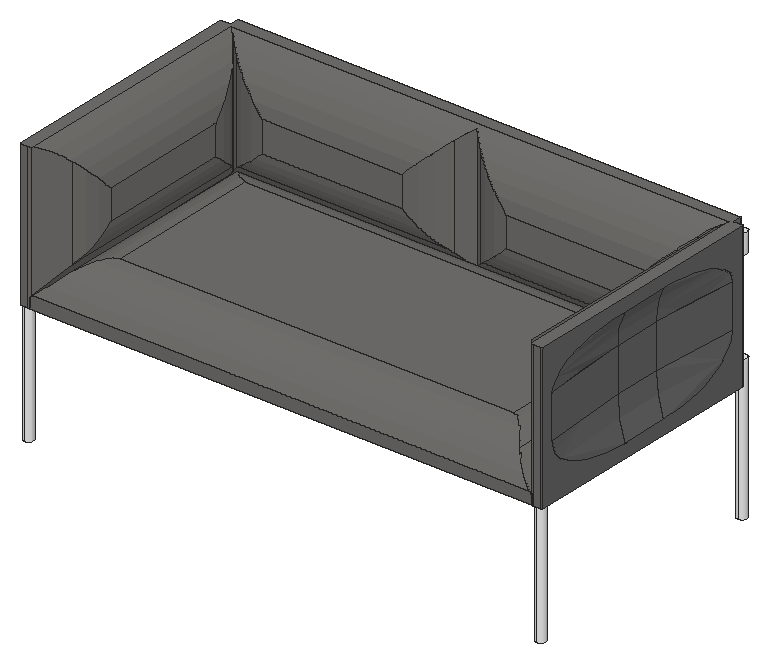
Revit family "Seating-Sofa-Teknion-BBHS_Hollow-R2011", category Furniture, Revit 2013
Parameters (values of type "Two Seater, 53 1/2" Wide")
  Width = 53 1/2"
  Warranty = "http://www.teknionstudio.com/pdfs/Teknion%20Studio%20Warranty.pdf"
  Unit Weight = 81.00 lbf
  URL = "http://www.teknionstudio.com"
  Two Seater = not(Three Seater)  # yes
  Three Seater = not(Width < 79 1/2")  # no
  Shell Finish [instance] = Plastic - Teknion - 7D - Black
  Series = "B&B Italia"
  Seat Upholstery Finish [instance] = Fabric - Teknion - V311 - Velvet Underground
  Salvage or Reuse = yes
  Product Page URL = "http://www.teknionstudio.com/hollow/#.Ula9vRAQP-o"
  Product Line = "Hollow"
  Product Documentation Link = "http://www.teknionstudio.com/pricing/BBHS_ppg.pdf"
  Percentage of Recycled Content = 0
  Part Number = "BBHS"
  Model = "BBHSA1"
  Manufacturer Phone = "919-464-2920"
  Manufacturer Fax = "919-464-2927"
  Manufacturer Email = "mailto:customersupport@teknionstudio.com"
  Manufacturer Address = "3940 US 70 Business HWY West, Clayton, NC 27520"
  Manufacturer = "Teknion Studio"  # constant formula
  Low Emitting Material = yes
  Low Emitting Finish = yes
  Length 2 = if(Three Seater, (Width - Width / 3), 90 1/2")  # 90 1/2"
  Length 1 = if(Three Seater, (Width / 3), (Width / 2))  # 26 3/4"
  Height = 27 1/8"  # constant formula
  Graphic Line R = if(Width = 90 1/2", 23", 19 1/2")  # 19 1/2"
  Graphic Line L = if(Width = 90 1/2", 25", 21 1/2")  # 21 1/2"
  Frame Finish [instance] = Metal - Teknion - C6 - Chrome
  Description = "Hollow Seating Sofa, Two Seater, 26 3/4\" (68cm) Deep, 53 1/2\" (136cm) Wide"
  Depth = 26 3/4"
  Assembly Code = "E2020200"
Types (5): name | Width | Unit Weight | Two Seater | Three Seater | Model | Length 2 | Length 1 | Graphic Line R | Graphic Line L | Description | Depth
  (no name) | 53 1/2" | 81.00 lbf | yes | no | "BBHSA1" | 90 1/2" | 26 3/4" | 19 1/2" | 21 1/2" | "Hollow Seating Sofa, Two Seater, 26 3/4\" (68cm) Deep, 53 1/2\" (136cm) Wide" | 26 3/4"
  Two Seater, 53 1/2" Wide | 53 1/2" | 81.00 lbf | yes | no | "BBHSA1" | 90 1/2" | 26 3/4" | 19 1/2" | 21 1/2" | "Hollow Seating Sofa, Two Seater, 26 3/4\" (68cm) Deep, 53 1/2\" (136cm) Wide" | 26 3/4"
  Two Seater, 60 5/8" Wide | 60 5/8" | 92.00 lbf | yes | no | "BBHSB3" | 90 1/2" | 30 5/16" | 19 1/2" | 21 1/2" | "Hollow Seating Sofa, Two Seater, 30 3/8\" (77cm) Deep, 60 5/8\" (154cm) Wide" | 30 3/8"
  Three Seater, 79 1/2" Wide | 79 1/2" | 121.00 lbf | no | yes | "BBHSA2" | 53" | 26 1/2" | 19 1/2" | 21 1/2" | "Hollow Seating Sofa, Three Seater, 26 3/4\" (68cm) Deep, 79 1/2\" (202cm) Wide" | 26 3/4"
  Three Seater, 90 1/2" Wide | 90 1/2" | 138.00 lbf | no | yes | "BBHSB4" | 60.33333" | 30.16667" | 23" | 25" | "Hollow Seating Sofa, Three Seater, 30 3/8\"(77cm) Deep, 90 1/2\" (230cm) Wide" | 30 3/8"
Reference planes (in)
  plane 1 "Center F/B": y = 0
  plane 2: z = 0
  plane 3 "Left": x = 0
  plane 4 "Right": x = 53.5
  plane 5 "Back": y = 13.375
  plane 6 "Front": y = -13.375
  plane 7 "Top": z = 27.125
  plane 8: x = 26.75
  plane 9 "T.O. Seat": z = 16.875
  plane 10: x = 4.52756
  plane 11: x = 48.97244
  plane 12: z = 12.36122
  plane 13: y = 12.39075
  plane 14: x = 0.98425
  plane 15: x = 52.51575
  plane 16: y = 8.84744
  plane 17: x = -1
  plane 18: x = 54.5
  plane 19: z = 25.7874
  plane 20: z = 22.07483
  plane 21: z = 18.93827
  plane 22: z = 13.77953
  plane 23: y = 11.0128
  plane 24: y = -12.0187
  plane 25: y = -7.41202
  plane 26: y = 6.09154
  plane 27: y = 12.665
  plane 28: x = 0.71
  plane 29: x = 52.79
  plane 30: x = 2.3622
  plane 31: x = 51.1378
  plane 32 "V1": x = 26.75
  plane 33 "V2": x = 90.5
  plane 34: x = 69
  plane 35: x = 110
  plane 36 "Center (Left/Righ)": x = 26.75
Forms (in)
  Sweep 1, solid, material "Fabric - Teknion - V311 - Velvet Underground" <- "Seat Upholstery Finish"
    path origin (27, 0, 16.875) x (-1, 0, 0) y (0, -1, 0)
      loop
        line (0.25, -13.375) -> (0.25, 13.375)
    profile origin (26.75, 0, 16.875) x (1, 0, 0) y (0, 0, 1)
      loop
        line (-25.67569, -3.5162) -> (-25.67569, -4.51378) -> (25.67569, -4.51378) -> (25.67569, -3.5162) -> (22.93628, -1.04963)
        arc (22.93628, -1.04963) -> (21.66636, -0.27142) -> (20.20191, 0) r 4.08646
        line (20.20191, 0) -> (-20.20191, 0)
        arc (-20.20191, 0) -> (-21.66636, -0.27142) -> (-22.93628, -1.04963) r 4.08646
        line (-22.93628, -1.04963) -> (-25.67569, -3.5162)
  Sweep 2, solid, material "Plastic - Teknion - 7D - Black" <- "Shell Finish"
    path origin (0, 13.375, 0) x (-1, 0, 0) y (0, 0, 1)
      loop
        line (-53.5, 27.125) -> (-53.5, 12.36122)
    profile origin (53.5, 13.375, 19.74311) x (0, 1, 0) y (-1, 0, 0)
      loop
        arc (0, 52.41575) -> (-0.02929, 52.48646) -> (-0.1, 52.51575) r 0.1
        line (-0.1, 52.51575) -> (-0.98425, 52.51575) -> (-0.98425, 53.4)
        arc (-0.98425, 53.4) -> (-1.01354, 53.47071) -> (-1.08425, 53.5) r 0.1
        line (-1.08425, 53.5) -> (-26.65, 53.5)
        arc (-26.65, 53.5) -> (-26.72071, 53.47071) -> (-26.75, 53.4) r 0.1
        line (-26.75, 53.4) -> (-26.75, 52.6517)
        arc (-26.75, 52.6517) -> (-26.72251, 52.50943) -> (-26.644, 52.38765) r 0.38189
        line (-26.644, 52.38765) -> (-23.99434, 50.25026)
        arc (-23.99434, 50.25026) -> (-22.48713, 49.36926) -> (-20.78702, 48.97244) r 5.84782
        line (-20.78702, 48.97244) -> (-7.28346, 48.97244)
        arc (-7.28346, 48.97244) -> (-5.09452, 49.4555) -> (-3.15156, 50.57341) r 7.38029
        line (-3.15156, 50.57341) -> (-1.6864, 51.7451) -> (-2.88945, 50.36115)
        arc (-2.88945, 50.36115) -> (-3.97969, 48.54669) -> (-4.52756, 46.50201) r 7.60496
        line (-4.52756, 46.50201) -> (-4.52756, 6.99799)
        arc (-4.52756, 6.99799) -> (-3.97969, 4.95331) -> (-2.88945, 3.13885) r 7.60496
        line (-2.88945, 3.13885) -> (-1.6864, 1.7549) -> (-3.15156, 2.92659)
        arc (-3.15156, 2.92659) -> (-5.09452, 4.0445) -> (-7.28346, 4.52756) r 7.38029
        line (-7.28346, 4.52756) -> (-20.78702, 4.52756)
        arc (-20.78702, 4.52756) -> (-22.48713, 4.13074) -> (-23.99434, 3.24974) r 5.84782
        line (-23.99434, 3.24974) -> (-26.644, 1.11235)
        arc (-26.644, 1.11235) -> (-26.72251, 0.99057) -> (-26.75, 0.8483) r 0.38189
        line (-26.75, 0.8483) -> (-26.75, 0.1)
        arc (-26.75, 0.1) -> (-26.72071, 0.02929) -> (-26.65, 0) r 0.1
        line (-26.65, 0) -> (-1.08425, 0)
        arc (-1.08425, 0) -> (-1.01354, 0.02929) -> (-0.98425, 0.1) r 0.1
        line (-0.98425, 0.1) -> (-0.98425, 0.98425) -> (-0.1, 0.98425)
        arc (-0.1, 0.98425) -> (-0.02929, 1.01354) -> (0, 1.08425) r 0.1
        line (0, 1.08425) -> (0, 52.41575)
  Sweep 3, void
    path origin (0, 0, 16.875) x (-1, 0, 0) y (0, -1, 0)
      loop
        line (-52.51575, 13.375) -> (-52.51575, -12.39075) -> (-0.98425, -12.39075) -> (-0.98425, 13.375)
    profile origin (26.75, 12.39075, 16.875) x (0, 1, 0) y (0, 0, 1)
      loop
        line (0.98425, -4.51378) -> (0, -4.51378) -> (0, -3.5162) -> (-2.29621, -0.87472)
        arc (-2.29621, -0.87472) -> (-3.15242, 0.49552) -> (-3.54331, 2.06327) r 5.1643
        line (-3.54331, 2.06327) -> (-3.54331, 5.19983)
        arc (-3.54331, 5.19983) -> (-2.1437, 8.68624) -> (0.98425, 10.76707) r 6.33551
        line (0.98425, 10.76707) -> (0.98425, 12.25) -> (-4.54331, 12.25) -> (-4.54331, -5.51378) -> (0.98425, -5.51378) -> (0.98425, -4.51378)
  Sweep 4, void
    path origin (0, 0, 16.875) x (-1, 0, 0) y (0, -1, 0)
      loop
        line (-53.5, 0) -> (0, 0)
    profile origin (26.75, 0, 16.875) x (0, -1, 0) y (0, 0, 1)
      loop
        line (-12.39075, -5.51378) -> (-12.39075, -3.5162) -> (-9.78974, -1.17424)
        arc (-9.78974, -1.17424) -> (-8.376, -0.29402) -> (-6.74536, 0.04432) r 4.75164
        line (-6.74536, 0.04432) -> (-6.74536, 1) -> (-14.375, 1) -> (-14.375, -5.51378) -> (-12.39075, -5.51378)
      loop
        line (14.375, 1) -> (7.79173, 1) -> (7.79173, 0.05413)
        arc (7.79173, 0.05413) -> (11.05927, -0.80884) -> (13.375, -3.27034) r 6.13918
        line (13.375, -3.27034) -> (13.375, -5.51378) -> (14.375, -5.51378) -> (14.375, 1)
  Sweep 5, solid, material "Metal - Teknion - C6 - Chrome" <- "Frame Finish"
    path origin (0, 13.375, 0) x (-1, 0, 0) y (0, 0, 1)
      loop
        line (0, 27.125) -> (0, 0)
    profile origin (0, 13.375, 13.5625) x (0, 1, 0) y (-1, 0, 0)
      loop
        circle (-0.49213, -0.49213) r 0.49213
      loop
        circle (-0.49213, -53.00787) r 0.49213
      loop
        circle (-26.25787, -0.49213) r 0.49213
      loop
        circle (-26.25787, -53.00787) r 0.49213
  Sweep 6, void
    path origin (0, 0, 16.875) x (-1, 0, 0) y (0, -1, 0)
      loop
        line (1, -13.375) -> (-54.5, -13.375)
    profile origin (26.75, 13.375, 16.875) x (0, 1, 0) y (0, 0, 1)
      loop
        line (-1.98425, 9.38484) -> (1, 9.38484) -> (1, 11.25) -> (-1.98425, 11.25) -> (-1.98425, 9.38484)
      loop
        line (1, 7.41634) -> (-1.98425, 7.41634) -> (-1.98425, -2.22933) -> (1, -2.22933) -> (1, 7.41634)
      loop
        line (-24.75, -4.51378) -> (-24.75, 11.25) -> (-27.75, 11.25) -> (-27.75, -4.51378) -> (-24.75, -4.51378)
  Sweep 7, void
    path origin (0, 0, 16.875) x (-1, 0, 0) y (0, -1, 0)
      loop
        arc (-0.71, -13.6122) -> (-6.8761, -12.90215) -> (-13.07841, -12.665) r 81.22622
        line (-13.07841, -12.665) -> (-40.42159, -12.665)
        arc (-40.42159, -12.665) -> (-46.6239, -12.90215) -> (-52.79, -13.6122) r 81.22622
    profile origin (26.75, 12.665, 16.875) x (0, 1, 0) y (0, 0, 1)
      loop
        arc (0, 1.38623) -> (0.1786, -0.88257) -> (0.71, -3.09547) r 14.4998
        line (0.71, -3.09547) -> (1.71, -3.09547) -> (1.71, 8.9124) -> (0.71, 8.9124)
        arc (0.71, 8.9124) -> (0.17882, 6.89961) -> (0, 4.8256) r 12.11692
        line (0, 4.8256) -> (0, 1.38623)
  Sweep 8, void
    path origin (0, 0, 16.875) x (-1, 0, 0) y (0, -1, 0)
      loop
        arc (0.40497, -13.375) -> (-0.43058, -7.78285) -> (-0.71, -2.13553) r 57.2073
        line (-0.71, -2.13553) -> (-0.71, 2.81859)
        arc (-0.71, 2.81859) -> (-0.48043, 8.11665) -> (0.20655, 13.375) r 61.25023
    profile origin (0.71, -0.34153, 16.875) x (1, 0, 0) y (0, 0, 1)
      loop
        line (-0.71, 8.9124) -> (-1.71, 8.9124) -> (-1.71, -3.09547) -> (-0.71, -3.09547)
        arc (-0.71, -3.09547) -> (-0.17871, -0.9871) -> (0, 1.17982) r 13.22691
        line (0, 1.17982) -> (0, 5.61895)
        arc (0, 5.61895) -> (-0.17952, 7.3035) -> (-0.71, 8.9124) r 7.99362
  Sweep 9, void
    path origin (28, 0, 16.875) x (1, 0, 0) y (0, -1, 0)
      loop
        arc (25.90497, -13.375) -> (25.06942, -7.78285) -> (24.79, -2.13553) r 57.2073
        line (24.79, -2.13553) -> (24.79, 2.81859)
        arc (24.79, 2.81859) -> (25.01957, 8.11665) -> (25.70655, 13.375) r 61.25023
    profile origin (52.79, -0.34153, 16.875) x (1, 0, 0) y (0, 0, 1)
      loop
        arc (0.71, 8.9124) -> (0.17952, 7.3035) -> (0, 5.61895) r 7.99362
        line (0, 5.61895) -> (0, 1.17982)
        arc (0, 1.17982) -> (0.17871, -0.9871) -> (0.71, -3.09547) r 13.22691
        line (0.71, -3.09547) -> (1.71, -3.09547) -> (1.71, 8.9124) -> (0.71, 8.9124)
  Sweep 10, void
    path origin (0, 13.375, 0) x (-1, 0, 0) y (0, 0, 1)
      loop
        line (-26.75, 27.125) -> (-26.75, 13.77953)
    profile origin (26.75, 13.375, 20.45226) x (0, 1, 0) y (-1, 0, 0)
      loop
        arc (-2.88944, 1.38393) -> (-4.11327, 3.53519) -> (-4.5815, 5.96549) r 7.60496
        line (-4.5815, 5.96549) -> (-7.28346, 5.96549) -> (-7.28346, -5.96549) -> (-4.5815, -5.96549)
        arc (-4.5815, -5.96549) -> (-4.11327, -3.53519) -> (-2.88944, -1.38393) r 7.60496
        line (-2.88944, -1.38393) -> (-1.68641, 0) -> (-2.88944, 1.38393)
  Sweep 11, void
    path origin (26.5, 13.375, 0) x (-1, 0, 0) y (0, 0, 1)
      loop
        line (-64, 27.125) -> (-64, 13.77953)
    profile origin (90.5, 13.375, 20.45226) x (0, 1, 0) y (-1, 0, 0)
      loop
        line (-7.28346, 5.48566) -> (-7.28346, -5.48566) -> (-4.5534, -5.48566)
        arc (-4.5534, -5.48566) -> (-4.02644, -3.31106) -> (-2.88944, -1.38393) r 7.60496
        line (-2.88944, -1.38393) -> (-1.68641, 0) -> (-2.88944, 1.38393)
        arc (-2.88944, 1.38393) -> (-4.02644, 3.31106) -> (-4.5534, 5.48566) r 7.60496
        line (-4.5534, 5.48566) -> (-7.28346, 5.48566)
Cuts and joins
  Sweep 3, Sweep 7, Sweep 8, Sweep 9, Sweep 10, Sweep 11 cuts Sweep 2
  Sweep 6, Sweep 7, Sweep 8, Sweep 9, Sweep 10, Sweep 11 cuts Sweep 5
  Sweep 4 cuts Sweep 1
Lines and regions (in)
  Masking region 1
    outline origin (0, 0, 16.875) x (-1, 0, 0) y (0, -1, 0)
      loop
        line (-0.98425, -13.375) -> (0, -13.375) -> (0, -12.39075) -> (0, 13.375) -> (-53.5, 13.375) -> (-53.5, -12.39075) -> (-53.5, -13.375) -> (-52.51575, -13.375) -> (-0.98425, -13.375)
  symbolic lines
    curve 1: line (4.52756, -7.41202, 16.875) -> (4.52756, 6.09154, 16.875)
    curve 2: line (48.97244, -7.41202, 16.875) -> (48.97244, 6.09154, 16.875)
    curve 3: line (6.99799, 8.84744, 16.875) -> (21.50691, 8.84744, 16.875)
    curve 4: arc (3.13885, 10.48555, 16.875) -> (4.95331, 9.39531, 16.875) -> (6.99799, 8.84744, 16.875) r 7.60496
    curve 5: arc (4.52756, 6.09154, 16.875) -> (4.0445, 8.28048, 16.875) -> (2.92659, 10.22344, 16.875) r 7.38029
    curve 6: line (1.7549, 11.6886, 16.875) -> (3.13885, 10.48555, 16.875)
    curve 7: arc (46.50201, 8.84744, 16.875) -> (48.54669, 9.39531, 16.875) -> (50.36115, 10.48555, 16.875) r 7.60496
    curve 8: line (50.36115, 10.48555, 16.875) -> (51.7451, 11.6886, 16.875)
    curve 9: line (51.7451, 11.6886, 16.875) -> (50.57341, 10.22344, 16.875)
    curve 10: arc (50.57341, 10.22344, 16.875) -> (49.4555, 8.28048, 16.875) -> (48.97244, 6.09154, 16.875) r 7.38029
    curve 11: line (50.25026, -10.61934, 16.875) -> (52.38765, -13.269, 16.875)
    curve 12: arc (48.97244, -7.41202, 16.875) -> (49.36926, -9.11213, 16.875) -> (50.25026, -10.61934, 16.875) r 5.84782
    curve 13: arc (3.24974, -10.61934, 16.875) -> (4.13074, -9.11213, 16.875) -> (4.52756, -7.41202, 16.875) r 5.84782
    curve 14: line (1.11235, -13.269, 16.875) -> (3.24974, -10.61934, 16.875)
    curve 15: line (2.92659, 10.22344, 16.875) -> (1.7549, 11.6886, 16.875)
    curve 28: arc (0.8483, -13.375, 16.875) -> (0.99057, -13.34751, 16.875) -> (1.11235, -13.269, 16.875) r 0.38189
    curve 29: arc (52.38765, -13.269, 16.875) -> (52.50943, -13.34751, 16.875) -> (52.6517, -13.375, 16.875) r 0.38189
    curve 36: arc (25.36607, 10.48556, 16.875) -> (23.5516, 9.39532, 16.875) -> (21.50691, 8.84744, 16.875) r 7.60496
    curve 37: line (26.75, 11.68859, 16.875) -> (25.36607, 10.48556, 16.875)
    curve 38: line (28.13393, 10.48556, 16.875) -> (26.75, 11.68859, 16.875)
    curve 39: arc (31.99309, 8.84744, 16.875) -> (29.9484, 9.39532, 16.875) -> (28.13393, 10.48556, 16.875) r 7.60496
  symbolic lines, detail levels fine
    curve 16: arc (0.49213, 13.375, 16.875) -> (0, 12.88287, 16.875) -> (0.49213, 12.39075, 16.875) r 0.49213
    curve 17: arc (0.49213, 12.39075, 16.875) -> (0.98425, 12.88287, 16.875) -> (0.49213, 13.375, 16.875) r 0.49213
    curve 18: line (0.98425, 13.275, 16.875) -> (0.98425, 12.39075, 16.875)
    curve 19: arc (1.08425, 13.375, 16.875) -> (1.01354, 13.34571, 16.875) -> (0.98425, 13.275, 16.875) r 0.1
    curve 20: arc (0.1, 12.39075, 16.875) -> (0.02929, 12.36146, 16.875) -> (0, 12.29075, 16.875) r 0.1
    curve 21: line (0.1, 12.39075, 16.875) -> (0.98425, 12.39075, 16.875)
    curve 22: arc (53.5, 12.29075, 16.875) -> (53.47071, 12.36146, 16.875) -> (53.4, 12.39075, 16.875) r 0.1
    curve 23: arc (52.51575, 13.275, 16.875) -> (52.48646, 13.34571, 16.875) -> (52.41575, 13.375, 16.875) r 0.1
    curve 24: line (52.51575, 12.39075, 16.875) -> (52.51575, 13.275, 16.875)
    curve 25: arc (53.00787, 13.375, 16.875) -> (52.51575, 12.88287, 16.875) -> (53.00787, 12.39075, 16.875) r 0.49213
    curve 26: arc (53.00787, 12.39075, 16.875) -> (53.5, 12.88287, 16.875) -> (53.00787, 13.375, 16.875) r 0.49213
    curve 27: line (52.51575, 12.39075, 16.875) -> (53.4, 12.39075, 16.875)
    curve 30: line (6.54809, 7.27157, 16.875) -> (3.75115, 9.71391, 16.875)
    curve 31: line (3.75115, 9.71391, 16.875) -> (1.07431, 12.39075, 16.875)
    curve 32: line (52.42569, 12.39075, 16.875) -> (49.82468, 9.78974, 16.875)
    curve 33: spline (1.3461, -13.37487, 16.875) -> (1.57367, -13.26909, 16.875) -> (1.79828, -13.15241, 16.875) -> (2.01964, -13.02498, 16.875) -> (2.23747, -12.88697, 16.875) -> (2.4515, -12.73856, 16.875) -> (2.66143, -12.57993, 16.875) -> (2.86701, -12.41129, 16.875) -> (3.06798, -12.23285, 16.875) -> (3.26407, -12.04484, 16.875) -> (3.45503, -11.84751, 16.875) -> (3.64063, -11.64111, 16.875) -> (3.82061, -11.42589, 16.875)
    curve 34: spline (49.67939, -11.42589, 16.875) -> (49.85937, -11.64111, 16.875) -> (50.04497, -11.84751, 16.875) -> (50.23593, -12.04484, 16.875) -> (50.43202, -12.23285, 16.875) -> (50.63299, -12.41129, 16.875) -> (50.83857, -12.57993, 16.875) -> (51.0485, -12.73856, 16.875) -> (51.26253, -12.88697, 16.875) -> (51.48036, -13.02498, 16.875) -> (51.70172, -13.15241, 16.875) -> (51.92633, -13.26909, 16.875) -> (52.1539, -13.37487, 16.875)
    curve 50: line (46.95191, 7.27157, 16.875) -> (6.54809, 7.27157, 16.875)
    curve 51: line (49.68628, 9.64564, 16.875) -> (46.95191, 7.27157, 16.875)
  symbolic lines, visible <- "Two Seater"
    curve 35: line (31.99309, 8.84744, 16.875) -> (46.50201, 8.84744, 16.875)
  symbolic lines, visible <- "Three Seater"
    curve 40: arc (89.11607, 10.48556, 16.875) -> (87.3016, 9.39532, 16.875) -> (85.25691, 8.84744, 16.875) r 7.60496
    curve 41: line (90.5, 11.68859, 16.875) -> (89.11607, 10.48556, 16.875)
    curve 42: line (91.88393, 10.48556, 16.875) -> (90.5, 11.68859, 16.875)
    curve 43: arc (95.74309, 8.84744, 16.875) -> (93.6984, 9.39532, 16.875) -> (91.88393, 10.48556, 16.875) r 7.60496
    curve 44: line (69, 8.84744, 16.875) -> (85.25691, 8.84744, 16.875)
    curve 45: line (110, 8.84744, 16.875) -> (95.74309, 8.84744, 16.875)
  symbolic lines, detail levels coarse+medium
    curve 46: line (52.51575, 13.375, 16.875) -> (53.5, 13.375, 16.875)
    curve 47: line (53.5, 13.375, 16.875) -> (53.5, 12.39075, 16.875)
    curve 48: line (0.98425, 13.375, 16.875) -> (0, 13.375, 16.875)
    curve 49: line (0, 13.375, 16.875) -> (0, 12.39075, 16.875)
  symbolic lines, detail levels medium+fine
    curve 52: line (46.95191, -8.74161, 16.875) -> (49.67939, -11.42589, 16.875)
    curve 53: line (6.54809, -8.74161, 16.875) -> (46.95191, -8.74161, 16.875)
    curve 54: line (3.82061, -11.42589, 16.875) -> (6.54809, -8.74161, 16.875)
    curve 55: spline (1.35002, -13.36842, 16.875) -> (1.57716, -13.26292, 16.875) -> (1.80135, -13.14657, 16.875) -> (2.02232, -13.01952, 16.875) -> (2.23976, -12.88195, 16.875) -> (2.45342, -12.73401, 16.875) -> (2.66301, -12.5759, 16.875) -> (2.86827, -12.40783, 16.875) -> (3.06893, -12.23001, 16.875) -> (3.26474, -12.04266, 16.875) -> (3.45545, -11.84602, 16.875) -> (3.64082, -11.64034, 16.875) -> (3.82061, -11.42589, 16.875)
    curve 56: spline (49.67939, -11.42589, 16.875) -> (49.85918, -11.64034, 16.875) -> (50.04455, -11.84602, 16.875) -> (50.23526, -12.04266, 16.875) -> (50.43107, -12.23001, 16.875) -> (50.63173, -12.40783, 16.875) -> (50.83699, -12.5759, 16.875) -> (51.04658, -12.73401, 16.875) -> (51.26024, -12.88195, 16.875) -> (51.47768, -13.01952, 16.875) -> (51.69865, -13.14657, 16.875) -> (51.92284, -13.26292, 16.875) -> (52.14998, -13.36842, 16.875)
Dimensions and locks (in)
  "Height": plane 7 "Top" to level
  "Width": plane 3 "Left" to plane 4 "Right"
  equal spacing: plane 5 "Back", plane 1 "Center F/B", plane 6 "Front"
  "Depth": plane 5 "Back" to plane 6 "Front"
  equal spacing: plane 3 "Left", plane 8, plane 4 "Right"
  locked: plane 9 "T.O. Seat" to plane 2 at 16.875
  locked: plane 3 "Left" to plane 10 at 4.52756
  locked: plane 4 "Right" to plane 11 at 4.52756
  locked: plane 9 "T.O. Seat" to plane 12 at 4.51378
  locked: Sweep 1 sketch curve to plane 3 "Left" at 1.07431
  locked: plane 4 "Right" to Sweep 1 sketch curve at 1.07431
  plane 3 "Left" to plane 14 = 0.98425"
  locked: plane 5 "Back" to plane 13 at 0.98425
  locked: plane 15 to plane 4 "Right" at 0.98425
  locked: plane 5 "Back" to plane 16 at 4.52756
  locked: plane 16 to Sweep 3 sketch curve at 1
  locked: plane 7 "Top" to Sweep 3 sketch curve at 2
  locked: plane 12 to Sweep 3 sketch curve at 1
  locked: plane 12 to Sweep 4 sketch curve at 1
  locked: Sweep 4 sketch curve to plane 9 "T.O. Seat" at 1
  locked: plane 9 "T.O. Seat" to Sweep 4 sketch curve at 1
  locked: plane 3 "Left" to Sweep 5 sketch curve at 0.49213  (x2)
  locked: Sweep 5 sketch curve to plane 4 "Right" at 0.49213  (x2)
  locked: plane 6 "Front" to Sweep 5 sketch curve at 0.49213  (x2)
  locked: plane 5 "Back" to Sweep 5 sketch curve at 0.49213  (x2)
  locked: plane 13 to Sweep 6 sketch curve at 1  (x2)
  locked: Sweep 6 sketch curve to plane 5 "Back" at 1  (x2)
  locked: plane 12 to Sweep 6 sketch curve at 2.28445
  Sweep 6 sketch curve to plane 6 "Front" to Sweep 6 sketch curve = 2" locked, 1" locked
  locked: plane 7 "Top" to Sweep 6 sketch curve at 0.86516
  locked: plane 4 "Right" to plane 18 at 1
  locked: plane 17 to plane 3 "Left" at 1
  plane 19 to plane 20 to plane 21 to plane 22 = 3.71257" locked, 3.13656" locked, 5.15874" locked
  locked: plane 7 "Top" to plane 19 at 1.3376
  plane 25 to plane 24 to plane 6 "Front" = 4.60668" locked, 1.3563" locked
  plane 5 "Back" to plane 23 to plane 26 = 2.3622" locked, 4.92126" locked
  locked: plane 5 "Back" to plane 27 at 0.71
  locked: plane 28 to plane 3 "Left" at 0.71
  locked: plane 29 to plane 4 "Right" at 0.71
  locked: plane 3 "Left" to plane 30 at 2.3622
  locked: plane 31 to plane 4 "Right" at 2.3622
  locked: plane 3 "Left" to Sweep 7 sketch curve at 13.07841
  locked: Sweep 7 sketch curve to plane 4 "Right" at 13.07841
  locked: Sweep 7 sketch curve to plane 5 "Back" at 80.51622
  locked: Sweep 9 sketch curve to plane 4 "Right" at 1
  locked: plane 6 "Front" to Sweep 9 sketch curve at 10.55641
  locked: plane 5 "Back" to Sweep 9 sketch curve at 11.23947
  locked: plane 4 "Right" to Sweep 9 sketch curve at 56.4973
  locked: plane 4 "Right" to Sweep 9 sketch curve at 60.54023
  locked: plane 6 "Front" to Sweep 8 sketch curve at 10.55641
  locked: plane 5 "Back" to Sweep 8 sketch curve at 11.23947
  locked: Sweep 8 sketch curve to plane 3 "Left" at 56.4973
  locked: Sweep 8 sketch curve to plane 3 "Left" at 60.54023
  Sweep 4 sketch curve to plane 6 "Front" = 5.45658"
  locked: plane 5 "Back" to Sweep 4 sketch curve at 6.76473
  locked: plane 9 "T.O. Seat" to Sweep 4 sketch curve at 4.7054
  locked: plane 9 "T.O. Seat" to Sweep 4 sketch curve at 6.08373
  "Length 1": plane 3 "Left" to plane 32 "V1"
  "Length 2": plane 3 "Left" to plane 33 "V2"
  equal spacing: Sweep 10 sketch curve, plane 32 "V1", Sweep 10 sketch curve, locked at 6.1699 each
  locked: Sweep 10 sketch curve to plane 5 "Back" at 3.02071
  equal spacing: Sweep 11 sketch curve, plane 33 "V2", Sweep 11 sketch curve, locked at 6.1699 each
  locked: Sweep 11 sketch curve to plane 5 "Back" at 3.02071
  "Graphic Line L": plane 34 to plane 33 "V2"
  "Graphic Line R": plane 33 "V2" to plane 35
  equal spacing: plane 3 "Left", plane 36 "Center (Left/Righ)", plane 4 "Right"
  radius of Sweep 9 sketch curve = 57.2073"
  radius of Sweep 9 sketch curve = 61.25023"
  radius of Sweep 4 sketch curve = 6.13918"
  radius of Sweep 4 sketch curve = 4.75164"
  aligned and locked: level to plane 2
  aligned and locked: Sweep 1 sketch curve to plane 8
  aligned and locked: plane 6 "Front" to Sweep 1 sketch curve
  aligned and locked: plane 5 "Back" to Sweep 1 sketch curve
  aligned and locked: plane 12 to Sweep 2 sketch curve
  aligned and locked: plane 7 "Top" to Sweep 2 sketch curve
  aligned and locked: plane 5 "Back" to Sweep 2 sketch curve
  aligned: plane 3 "Left" to Sweep 2 sketch curve
  aligned and locked: plane 13 to Sweep 2 sketch curve  (x2)
  aligned: plane 14 to Sweep 2 sketch curve
  aligned: plane 10 to Sweep 2 sketch curve
  aligned and locked: plane 6 "Front" to Sweep 2 sketch curve
  aligned and locked: Sweep 3 sketch curve to plane 14
  aligned and locked: Sweep 3 sketch curve to plane 13
  aligned and locked: plane 15 to Sweep 3 sketch curve
  aligned and locked: plane 6 "Front" to Sweep 3 sketch curve  (x2)
  aligned and locked: plane 12 to Sweep 3 sketch curve
  aligned and locked: plane 5 "Back" to Sweep 3 sketch curve
  aligned and locked: plane 16 to Sweep 2 sketch curve
  aligned and locked: plane 16 to Sweep 3 sketch curve
  aligned and locked: plane 13 to Sweep 3 sketch curve
  aligned and locked: Sweep 4 sketch curve to plane 1 "Center F/B"
  aligned and locked: plane 3 "Left" to Sweep 4 sketch curve
  aligned and locked: plane 4 "Right" to Sweep 4 sketch curve
  aligned and locked: Sweep 4 sketch curve to plane 13
  aligned and locked: Sweep 4 sketch curve to plane 6 "Front"
  aligned and locked: plane 4 "Right" to Sweep 2 sketch curve
  aligned and locked: Sweep 2 sketch curve to plane 3 "Left"
  aligned and locked: Sweep 2 sketch curve to plane 14
  aligned and locked: Sweep 2 sketch curve to plane 4 "Right"
  aligned and locked: plane 11 to Sweep 2 sketch curve
  aligned and locked: Sweep 2 sketch curve to plane 10
  aligned and locked: plane 3 "Left" to Sweep 5 sketch curve
  aligned and locked: plane 2 to Sweep 5 sketch curve
  aligned and locked: plane 7 "Top" to Sweep 5 sketch curve
  aligned and locked: Sweep 6 sketch curve to plane 5 "Back"
  aligned and locked: plane 12 to Sweep 6 sketch curve
  aligned and locked: plane 17 to Sweep 6 sketch curve
  aligned and locked: plane 18 to Sweep 6 sketch curve
  aligned and locked: Sweep 7 sketch curve to plane 27
  aligned and locked: plane 27 to Sweep 7 sketch curve
  aligned and locked: plane 19 to Sweep 7 sketch curve
  aligned and locked: plane 22 to Sweep 7 sketch curve
  aligned and locked: plane 28 to Sweep 7 sketch curve
  aligned and locked: plane 29 to Sweep 7 sketch curve
  aligned and locked: Sweep 8 sketch curve to plane 28  (x2)
  aligned and locked: plane 6 "Front" to Sweep 8 sketch curve
  aligned and locked: plane 5 "Back" to Sweep 8 sketch curve
  aligned and locked: Sweep 8 sketch curve to plane 22
  aligned and locked: Sweep 8 sketch curve to plane 19
  aligned and locked: plane 29 to Sweep 9 sketch curve
  aligned and locked: plane 19 to Sweep 9 sketch curve
  aligned and locked: plane 22 to Sweep 9 sketch curve
  aligned and locked: Sweep 2 sketch curve to plane 6 "Front"
  aligned and locked: plane 25 to Sweep 2 sketch curve  (x2)
  aligned and locked: Masking region 1 sketch curve to plane 5 "Back"  (x2)
  aligned and locked: Masking region 1 sketch curve to plane 3 "Left"  (x2)
  aligned and locked: Masking region 1 sketch curve to plane 4 "Right"  (x2)
  aligned and locked: Masking region 1 sketch curve to plane 6 "Front"
  aligned and locked: plane 13 to Masking region 1 sketch curve
  aligned and locked: plane 14 to Masking region 1 sketch curve
  aligned and locked: plane 5 "Back" to Masking region 1 sketch curve
  aligned and locked: curve 1 to plane 10
  aligned and locked: plane 11 to curve 2
  aligned and locked: curve 3 to plane 16
  aligned and locked: curve 4 to cut or joined group of Sweep 2, Sweep 3, Sweep 7, Sweep 8, Sweep 9, Sweep 10, Sweep 11
  aligned and locked: curve 5 to cut or joined group of Sweep 2, Sweep 3, Sweep 7, Sweep 8, Sweep 9, Sweep 10, Sweep 11
  aligned and locked: curve 6 to cut or joined group of Sweep 2, Sweep 3, Sweep 7, Sweep 8, Sweep 9, Sweep 10, Sweep 11
  aligned and locked: curve 7 to cut or joined group of Sweep 2, Sweep 3, Sweep 7, Sweep 8, Sweep 9, Sweep 10, Sweep 11
  aligned and locked: curve 8 to cut or joined group of Sweep 2, Sweep 3, Sweep 7, Sweep 8, Sweep 9, Sweep 10, Sweep 11
  aligned and locked: curve 9 to cut or joined group of Sweep 2, Sweep 3, Sweep 7, Sweep 8, Sweep 9, Sweep 10, Sweep 11
  aligned and locked: curve 10 to cut or joined group of Sweep 2, Sweep 3, Sweep 7, Sweep 8, Sweep 9, Sweep 10, Sweep 11
  aligned and locked: curve 12 to cut or joined group of Sweep 2, Sweep 3, Sweep 7, Sweep 8, Sweep 9, Sweep 10, Sweep 11
  aligned and locked: curve 13 to cut or joined group of Sweep 2, Sweep 3, Sweep 7, Sweep 8, Sweep 9, Sweep 10, Sweep 11
  aligned and locked: curve 14 to cut or joined group of Sweep 2, Sweep 3, Sweep 7, Sweep 8, Sweep 9, Sweep 10, Sweep 11
  aligned and locked: curve 16 to cut or joined group of Sweep 5, Sweep 6, Sweep 7, Sweep 8, Sweep 9, Sweep 10, Sweep 11
  aligned and locked: curve 17 to cut or joined group of Sweep 5, Sweep 6, Sweep 7, Sweep 8, Sweep 9, Sweep 10, Sweep 11
  aligned and locked: curve 19 to cut or joined group of Sweep 2, Sweep 3, Sweep 7, Sweep 8, Sweep 9, Sweep 10, Sweep 11
  aligned and locked: curve 20 to cut or joined group of Sweep 2, Sweep 3, Sweep 7, Sweep 8, Sweep 9, Sweep 10, Sweep 11
  aligned and locked: curve 22 to cut or joined group of Sweep 2, Sweep 3, Sweep 7, Sweep 8, Sweep 9, Sweep 10, Sweep 11
  aligned and locked: curve 23 to cut or joined group of Sweep 2, Sweep 3, Sweep 7, Sweep 8, Sweep 9, Sweep 10, Sweep 11
  aligned and locked: curve 24 to cut or joined group of Sweep 2, Sweep 3, Sweep 7, Sweep 8, Sweep 9, Sweep 10, Sweep 11
  aligned and locked: curve 25 to cut or joined group of Sweep 5, Sweep 6, Sweep 7, Sweep 8, Sweep 9, Sweep 10, Sweep 11
  aligned and locked: curve 26 to cut or joined group of Sweep 5, Sweep 6, Sweep 7, Sweep 8, Sweep 9, Sweep 10, Sweep 11
  aligned and locked: curve 28 to cut or joined group of Sweep 2, Sweep 3, Sweep 7, Sweep 8, Sweep 9, Sweep 10, Sweep 11
  aligned and locked: curve 29 to cut or joined group of Sweep 2, Sweep 3, Sweep 7, Sweep 8, Sweep 9, Sweep 10, Sweep 11
  aligned and locked: plane 32 "V1" to Sweep 10 sketch curve
  aligned and locked: plane 22 to Sweep 10 sketch curve
  aligned and locked: plane 7 "Top" to Sweep 10 sketch curve
  aligned and locked: Sweep 11 sketch curve to plane 33 "V2"
  aligned and locked: plane 7 "Top" to Sweep 11 sketch curve
  aligned and locked: plane 22 to Sweep 11 sketch curve
  aligned and locked: Sweep 11 sketch curve to plane 26
  aligned and locked: Sweep 10 sketch curve to plane 26
  aligned and locked: cut or joined group of Sweep 2, Sweep 3, Sweep 7, Sweep 8, Sweep 9, Sweep 10, Sweep 11 to curve 35
  aligned and locked: curve 36 to cut or joined group of Sweep 2, Sweep 3, Sweep 7, Sweep 8, Sweep 9, Sweep 10, Sweep 11
  aligned and locked: curve 37 to cut or joined group of Sweep 2, Sweep 3, Sweep 7, Sweep 8, Sweep 9, Sweep 10, Sweep 11
  aligned and locked: curve 38 to cut or joined group of Sweep 2, Sweep 3, Sweep 7, Sweep 8, Sweep 9, Sweep 10, Sweep 11
  aligned and locked: curve 39 to cut or joined group of Sweep 2, Sweep 3, Sweep 7, Sweep 8, Sweep 9, Sweep 10, Sweep 11
  aligned and locked: curve 40 to Sweep 11
  aligned and locked: curve 41 to Sweep 11
  aligned and locked: curve 42 to Sweep 11
  aligned and locked: curve 43 to Sweep 11
  aligned and locked: plane 34 to curve 44
  aligned and locked: plane 35 to curve 45
  aligned and locked: curve 46 to plane 5 "Back"
  aligned and locked: curve 47 to plane 4 "Right"
  aligned and locked: plane 5 "Back" to curve 48
  aligned and locked: curve 49 to plane 3 "Left"
  aligned and locked: curve 53 to cut or joined group of Sweep 1, Sweep 4
Automatic sketch dimensions
  Sweep 1 sketch curve to plane 9 "T.O. Seat" = 0"
  Sweep 1 sketch curve to plane 9 "T.O. Seat" = 1.04963"  (x2)
  Sweep 1 sketch curve to Sweep 1 sketch curve = 2.7394"
  Sweep 1 sketch curve to Sweep 1 sketch curve = 2 47/64"  (x2)
  Sweep 1 sketch curve to Sweep 1 sketch curve = 5.47378"
  Sweep 1 sketch curve to Sweep 1 sketch curve = 3.46415"
  Sweep 1 sketch curve to Sweep 1 sketch curve = 0.99758"  (x2)
  profile plane to Sweep 8 sketch curve = 0.71"  (x2)
  Sweep 8 sketch curve to Sweep 8 sketch curve = 1"
  plane 9 "T.O. Seat" to Sweep 8 sketch curve = 5.61895"
  plane 9 "T.O. Seat" to Sweep 8 sketch curve = 1.17982"
  Sweep 2 sketch curve to Sweep 2 sketch curve = 0.1"  (x3)
  Sweep 2 sketch curve to profile plane = 0.1"
  Sweep 2 sketch curve to Sweep 2 sketch curve = 0.106"  (x2)
  Sweep 2 sketch curve to Sweep 2 sketch curve = 0.27589"
  Sweep 2 sketch curve to Sweep 2 sketch curve = 0.38189"
  Sweep 2 sketch curve to Sweep 2 sketch curve = 2.37377"  (x2)
  Sweep 2 sketch curve to Sweep 2 sketch curve = 3.67157"
  profile plane to Sweep 2 sketch curve = 1.3018"
  Sweep 2 sketch curve to Sweep 2 sketch curve = 0.46425"
  profile plane to Sweep 2 sketch curve = 2.83727"
  Sweep 2 sketch curve to Sweep 2 sketch curve = 6.77671"  (x2)
  Sweep 2 sketch curve to Sweep 2 sketch curve = 2.75591"  (x2)
  Sweep 2 sketch curve to Sweep 2 sketch curve = 2.16731"
  Sweep 2 sketch curve to profile plane = 2.92659"
  Sweep 2 sketch curve to Sweep 2 sketch curve = 0.26211"  (x2)
  Sweep 2 sketch curve to Sweep 2 sketch curve = 0.70215"  (x2)
  Sweep 2 sketch curve to plane 5 "Back" = 0.1"  (x2)
  plane 5 "Back" to Sweep 2 sketch curve = 3.02071"  (x2)
  Sweep 2 sketch curve to Sweep 2 sketch curve = 0.7483"
  Sweep 2 sketch curve to profile plane = 0.98425"
  Sweep 2 sketch curve to Sweep 2 sketch curve = 0.77065"  (x2)
  Sweep 2 sketch curve to Sweep 2 sketch curve = 0.21225"  (x2)
  Sweep 2 sketch curve to Sweep 2 sketch curve = 2.47043"  (x2)
  Sweep 2 sketch curve to Sweep 2 sketch curve = 6.84055"
  Sweep 2 sketch curve to Sweep 2 sketch curve = 1.27782"
  Sweep 2 sketch curve to Sweep 2 sketch curve = 1.01235"
  Sweep 3 sketch curve to plane 9 "T.O. Seat" = 0.87472"
  profile plane to Sweep 3 sketch curve = 2.29621"
  Sweep 3 sketch curve to profile plane = 0.98425"
  Sweep 3 sketch curve to profile plane = 1.60134"
  Sweep 3 sketch curve to Sweep 3 sketch curve = 1.17023"
  Sweep 3 sketch curve to Sweep 3 sketch curve = 0.99758"
  plane 9 "T.O. Seat" to Sweep 3 sketch curve = 2.06327"
  Sweep 3 sketch curve to Sweep 3 sketch curve = 2.17553"
  Sweep 3 sketch curve to Sweep 3 sketch curve = 3.13656"
  Sweep 4 sketch curve to Sweep 4 sketch curve = 1.98425"
  Sweep 4 sketch curve to plane 9 "T.O. Seat" = 1.17424"
  plane 9 "T.O. Seat" to Sweep 4 sketch curve = 0.04432"
  plane 9 "T.O. Seat" to Sweep 4 sketch curve = 0.05413"
  Sweep 4 sketch curve to Sweep 4 sketch curve = 1"
  Sweep 4 sketch curve to Sweep 4 sketch curve = 4.33954"
  Sweep 4 sketch curve to Sweep 4 sketch curve = 1.99758"
  Sweep 6 sketch curve to plane 5 "Back" = 0"
  Sweep 6 sketch curve to Sweep 6 sketch curve = 1.9685"
  plane 9 "T.O. Seat" to Sweep 6 sketch curve = 11 1/4"
  Sweep 6 sketch curve to Sweep 6 sketch curve = 1.86516"
  Sweep 7 sketch curve to Sweep 7 sketch curve = 0"
  Sweep 7 sketch curve to profile plane = 0.71"  (x2)
  Sweep 7 sketch curve to Sweep 7 sketch curve = 1"
  plane 9 "T.O. Seat" to Sweep 7 sketch curve = 4.8256"
  plane 9 "T.O. Seat" to Sweep 7 sketch curve = 1.38623"
  plane 6 "Front" to Sweep 9 sketch curve = 0"
  Sweep 9 sketch curve to plane 5 "Back" = 0"
  Sweep 9 sketch curve to profile plane = 0.71"  (x2)
  plane 9 "T.O. Seat" to Sweep 9 sketch curve = 5.61895"
  plane 9 "T.O. Seat" to Sweep 9 sketch curve = 1.17982"
  Sweep 10 sketch curve to profile plane = 0"
  Sweep 10 sketch curve to Sweep 10 sketch curve = 2.70197"  (x2)
  profile plane to Sweep 10 sketch curve = 1.38393"
  Sweep 10 sketch curve to plane 5 "Back" = 2.88944"
  Sweep 10 sketch curve to profile plane = 1.38393"
  Sweep 10 sketch curve to Sweep 10 sketch curve = 0"
  Sweep 10 sketch curve to plane 5 "Back" = 1.68641"
  plane 5 "Back" to Sweep 10 sketch curve = 3.02071"
  profile plane to Sweep 10 sketch curve = 5.96549"
  Sweep 11 sketch curve to profile plane = 0"
  Sweep 11 sketch curve to Sweep 11 sketch curve = 2.73006"  (x2)
  profile plane to Sweep 11 sketch curve = 1.38393"
  Sweep 11 sketch curve to plane 5 "Back" = 2.88944"
  Sweep 11 sketch curve to profile plane = 1.38393"
  Sweep 11 sketch curve to Sweep 11 sketch curve = 0"
  Sweep 11 sketch curve to plane 5 "Back" = 1.68641"
  plane 5 "Back" to Sweep 11 sketch curve = 3.02071"
  profile plane to Sweep 11 sketch curve = 5.48566"
  plane 16 to curve 43 = 0"
  plane 16 to curve 44 = 0"
  curve 46 to plane 15 = 0"
  plane 13 to curve 32 = 0"
  curve 31 to plane 13 = 0"
  curve 48 to plane 14 = 0"
  curve 49 to plane 13 = 0"
  plane 13 to curve 47 = 0"
  plane 4 "Right" to curve 34 = 0.7352"
  curve 24 to curve 32 = 0.09006"
  curve 11 to plane 6 "Front" = 0.106"
  curve 34 to plane 6 "Front" = 0.00013"
  curve 11 to curve 34 = 0.23375"
  curve 9 to curve 8 = 0.21225"
  curve 12 to plane 31 = 0.88754"
  plane 11 to curve 32 = 0.85224"
  curve 3 to curve 50 = 0.4499"
  plane 10 to curve 31 = 0.77641"
  curve 13 to plane 30 = 0.88754"
  curve 4 to curve 15 = 0.21225"
  plane 30 to curve 15 = 0.6073"
  curve 33 to plane 6 "Front" = 0.00013"
  curve 33 to curve 28 = 0.23375"
  plane 14 to curve 31 = 0.09006"
  curve 33 to plane 3 "Left" = 0.7352"
  curve 10 to curve 32 = 0.4337"
  plane 16 to curve 31 = 0.86647"
  plane 26 to curve 50 = 1.18004"
  curve 34 to curve 12 = 2.17886"
  curve 33 to curve 13 = 2.17886"
  plane 24 to curve 34 = 0.59281"
  plane 10 to curve 33 = 0.70695"
  plane 24 to curve 33 = 0.59281"
  plane 11 to curve 34 = 0.70695"
  curve 50 to curve 35 = 0.4499"
  curve 32 to curve 51 = 0.1384"
  curve 32 to curve 51 = 0.1441"
  curve 52 to plane 11 = 2.02053"
  curve 53 to plane 10 = 2.02053"
  curve 55 to curve 33 = 1/256"
  curve 55 to curve 33 = 0.00324"
  curve 55 to curve 33 = 0.00379"
  curve 55 to curve 33 = 0.00645"
  curve 34 to curve 56 = 0.00324"
  curve 34 to curve 56 = 1/256"
  curve 56 to curve 34 = 0.00379"
  curve 56 to curve 34 = 0.00645"
  Masking region 1 sketch curve to plane 15 = 0"
  plane 13 to Masking region 1 sketch curve = 0"
  radius of Sweep 5 sketch curve = 0.49213"  (x4)
